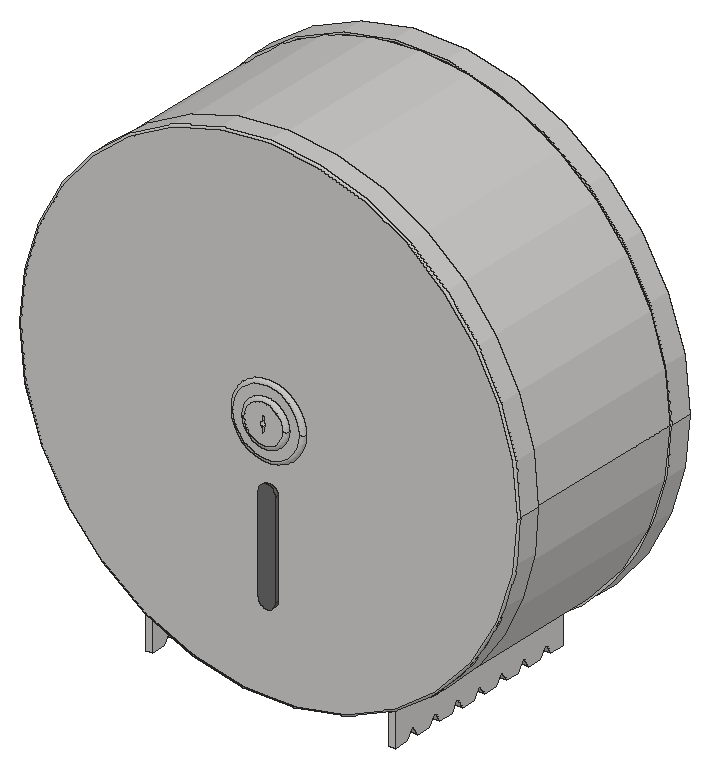
Revit family "rba-bim-B2890", category Specialty Equipment, Revit 2018
Family settings
  Round Connector Dimension = Use Diameter
  Part Type = Normal
  Work Plane-Based = No
  Always vertical = Yes
  Cut with Voids When Loaded = No
  Shared = Yes
  Room Calculation Point = No
Parameters (values of type "RBA-B2890")
  Watermarked By = "www.rba.com.au"
  Waste Connection = yes
  Vent Connection = yes
  URL = "http://www.bobrick.com/Pages/default.aspx"
  Phone Number = "1300 788 778"
  Modified Issue = "20220322.01"
  Model = "RBA-B2890"
  Materials and Finishes = Stainless Steel Satin Finish
  Manufacturer Model = ""
  Manufacturer = "Bobrick Washroom Equipment, Inc."
  HW Connection = yes
  Description = "Jumbo Toilet Roll Holder"
  Copyright by = "©Arcat Inc."
  CW Connection = yes
  Accent Finish [instance] = Paint - Bobrick - Black
Reference planes
  plane 1 "Center (Front/Back)": y = 0
  plane 2: z = 0
  plane 3 "Center (Left/Right)": x = 0
  plane 4: z = 270
  plane 5: y = -115
  plane 6: y = -119
Forms (mm)
  Extrusion 1, solid, material "Stainless Steel Satin Finish" <- "Materials and Finishes"
    sketch origin (0, 0, 0) x (1, 0, 0) y (0, 0, 1)
      loop
        circle (0, 135.5) r 135.5
    from 0 to 12.5
  Extrusion 2, solid, material "Stainless Steel Satin Finish" <- "Materials and Finishes"
    sketch origin (0, -105, 0) x (1, 0, 0) y (0, 0, 1)
      loop
        circle (0, 135.5) r 135.5
    from -2.5 to 10
  Extrusion 3, solid, material "Stainless Steel Satin Finish" <- "Materials and Finishes"
    sketch origin (0, 0, 0) x (1, 0, 0) y (0, 0, 1)
      loop
        circle (0, 135.5) r 134.5
    from 12.5 to 102.5
  Extrusion 4, solid, material "Stainless Steel Satin Finish" <- "Materials and Finishes"
    sketch origin (-40, 0, 0) x (0, 1, 0) y (0, 0, 1)
      loop
        line (-1, 0) -> (-1, 30) -> (-114, 30) -> (-114, 0) -> (-106.25, 0) -> (-103, 5) -> (-102, 5) -> (-98.75, 0) -> (-91.25, 0) -> (-88, 5) -> (-87, 5) -> (-83.75, 0) -> (-76.25, 0) -> (-73, 5) -> (-72, 5) -> (-68.75, 0) -> (-61.25, 0) -> (-58, 5) -> (-57, 5) -> (-53.75, 0) -> (-46.25, 0) -> (-43, 5) -> (-42, 5) -> (-38.75, 0) -> (-31.25, 0) -> (-28, 5) -> (-27, 5) -> (-23.75, 0) -> (-16.25, 0) -> (-13, 5) -> (-12, 5) -> (-8.75, 0) -> (-1, 0)
    from -27.5 to -24
  Extrusion 5, solid, material "Stainless Steel Satin Finish" <- "Materials and Finishes"
    sketch origin (40, 0, 0) x (0, 1, 0) y (0, 0, -1)
      loop
        line (-1, 0) -> (-8.75, 0) -> (-12, -5) -> (-13, -5) -> (-16.25, 0) -> (-23.75, 0) -> (-27, -5) -> (-28, -5) -> (-31.25, 0) -> (-38.75, 0) -> (-42, -5) -> (-43, -5) -> (-46.25, 0) -> (-53.75, 0) -> (-57, -5) -> (-58, -5) -> (-61.25, 0) -> (-68.75, 0) -> (-72, -5) -> (-73, -5) -> (-76.25, 0) -> (-83.75, 0) -> (-87, -5) -> (-88, -5) -> (-91.25, 0) -> (-98.75, 0) -> (-102, -5) -> (-103, -5) -> (-106.25, 0) -> (-114, 0) -> (-114, -30) -> (-1, -30) -> (-1, 0)
    from -27.5 to -24
  Sweep 6, void
    path in 3D
      loop
        arc (135.5, -115, 135.5) -> (0, -115, 0) -> (-135.5, -115, 135.5) r 135.5
        arc (-135.5, -115, 135.5) -> (0, -115, 271) -> (135.5, -115, 135.5) r 135.5
    profile origin (0, -115, 271) x (0, 0, 1) y (0, -1, 0)
      loop
        line (0, 0) -> (-1, 0)
        arc (-1, 0) -> (-0.293, -0.293) -> (0, -1) r 1
        line (0, -1) -> (0, 0)
  Extrusion 7, solid, material "Paint - Bobrick - Black"
    sketch origin (0, -230.888, -510.475) x (1, 0, 0) y (0, 0, -1)
      loop
        line (-4.762, -560.096) -> (-4.762, -611.04)
        arc (-4.762, -611.04) -> (0, -615.803) -> (4.763, -611.04) r 4.763
        line (4.763, -611.04) -> (4.763, -560.096)
        arc (4.763, -560.096) -> (0, -555.334) -> (-4.762, -560.096) r 4.763
    from 114.3 to 115.888
  Extrusion 8, solid, material "Stainless Steel Satin Finish" <- "Materials and Finishes"
    sketch origin (0, -143, 0) x (1, 0, 0) y (0, 0, 1)
      loop
        circle (0, 135.5) r 20
    from -28 to -26
  Extrusion 9, solid, material "Stainless Steel Satin Finish" <- "Materials and Finishes"
    sketch origin (0, -160, 0) x (1, 0, 0) y (0, 0, 1)
      loop
        circle (0, 135.5) r 12.5
    from -43 to -41
  Sweep 10, void
    path in 3D
      loop
        arc (20, -117, 135.5) -> (0, -117, 115.5) -> (-20, -117, 135.5) r 20
        arc (-20, -117, 135.5) -> (0, -117, 155.5) -> (20, -117, 135.5) r 20
    profile origin (0, -117, 155.5) x (0, 0, 1) y (0, -1, 0)
      loop
        line (0, 0) -> (-2, 0)
        arc (-2, 0) -> (-0.586, -0.586) -> (0, -2) r 2
        line (0, -2) -> (0, 0)
  Sweep 11, void
    path in 3D
      loop
        arc (12.5, -119, 135.5) -> (0, -119, 123) -> (-12.5, -119, 135.5) r 12.5
        arc (-12.5, -119, 135.5) -> (0, -119, 148) -> (12.5, -119, 135.5) r 12.5
    profile origin (0, -119, 148) x (0, 0, 1) y (0, -1, 0)
      loop
        line (0, 0) -> (-2, 0)
        arc (-2, 0) -> (-0.586, -0.586) -> (0, -2) r 2
        line (0, -2) -> (0, 0)
  Extrusion 12, void
    sketch origin (0, 0, 0) x (1, 0, 0) y (0, 0, 1)
      loop
        arc (-0.5, 136.898) -> (-1.485, 135.5) -> (-0.5, 134.102) r 1.485
        line (-0.5, 134.102) -> (-0.5, 131.015) -> (0.5, 131.015) -> (0.5, 134.102)
        arc (0.5, 134.102) -> (1.485, 135.5) -> (0.5, 136.898) r 1.485
        line (0.5, 136.898) -> (0.5, 139.985) -> (-0.5, 139.985) -> (-0.5, 136.898)
    from 115 to 119
Cuts and joins
  Sweep 6 cuts Extrusion 1
  Sweep 6 cuts Extrusion 2
  Sweep 6 cuts Extrusion 3
  Sweep 6 cuts Extrusion 4
  Sweep 6 cuts Extrusion 5
  Sweep 10, Extrusion 12 cuts Extrusion 8
  Sweep 11, Extrusion 12 cuts Extrusion 9
  joined: Extrusion 1, Extrusion 2, Extrusion 3, Extrusion 4, Extrusion 5, Extrusion 8, Extrusion 9
Lines and regions (mm)
  sketch lines
    curve 1: arc (-135.5, -115, 135.5) -> (0, -115, 271) -> (135.5, -115, 135.5) r 135.5
    curve 2: arc (135.5, -115, 135.5) -> (0, -115, 0) -> (-135.5, -115, 135.5) r 135.5
    curve 3: arc (-20, -117, 135.5) -> (0, -117, 155.5) -> (20, -117, 135.5) r 20
    curve 4: arc (20, -117, 135.5) -> (0, -117, 115.5) -> (-20, -117, 135.5) r 20
    curve 5: arc (-12.5, -119, 135.5) -> (0, -119, 148) -> (12.5, -119, 135.5) r 12.5
    curve 6: arc (12.5, -119, 135.5) -> (0, -119, 123) -> (-12.5, -119, 135.5) r 12.5
Dimensions and locks
  aligned and locked: plane 2 to level
